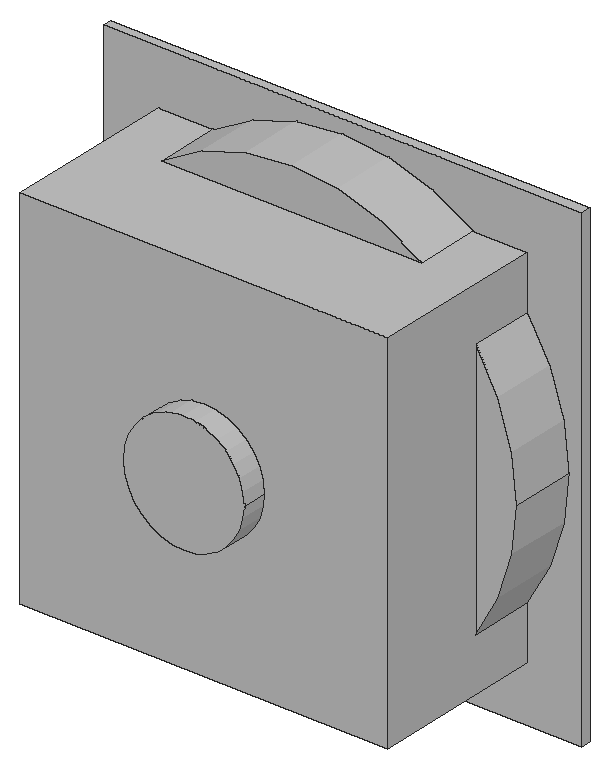
Revit family "ef_eg-40_60dra2_era2_fra2_50Hz", category 機械設備, Revit 2019
Family settings
  丸型コネクタ寸法 = 直径を使用
  パーツ タイプ = 標準
  OmniClass 番号 = 23.75.35.21.17
  OmniClass タイトル = Industrial Ventilating Equipment
  作業面ベース = いいえ
  常に垂直 = はい
  ロード時にボイドで切り取り = はい
  共有 = いいえ
  部屋計算ポイント = はい
Parameters (values of type "EF-40DRA2")
  騒音レベル(dB(A)) [instance] = 47
  風量 [instance] = 設計風量  # 0.0 m³/h
  電源種別 [instance] = ""
  電圧 = 200 V
  電動機出力 = 200 W
  電動機_種別 [instance] = ""
  運転質量 = 0.00 kg
  連動 [instance] = ""
  質量 = if(製品質量 > 運転質量, 製品質量, 運転質量) * 1.2  # 15.00 kg
  負荷分類 = 3_ファン類
  説明 = "産業用有圧換気扇 低騒音形 冷凍室タイプ"
  設計風量 [instance] = 0.0 m³/h
  設置方法 = "壁付"
  記号 [instance] = ""
  製造元 = "三菱電機株式会社"
  製品質量 = 12.50 kg
  製品出荷対象 = "国内"
  製品リリース年月 = "2022年6月1日"
  製品グループ = ""
  羽根径 = "∅400"
  レグ_Depth = 199 mm
  系統 [instance] = ""
  符号 [instance] = if(☑給気／□排気, "FS", "FE")  # "FE"
  積算_科目 = ""
  積算_拾い区分 [instance] = ""
  相 = 3
  盤記号 [instance] = ""
  盤工事区分 = ""
  発停方法 [instance] = ""
  特殊仕様 [instance] = ""
  火災停止 [instance] = ""
  消費電力 = 110 W
  法定耐用年数 = "15"
  極数 = 3
  極 = 4
  材質 [instance] = ""
  操作・制御方式 = ""
  操作・制御スイッチ = ""
  排気量 [instance] = if(☑給気／□排気, 0.0 m³/h, 設計風量)  # 0.0 m³/h
  形式 = ""
  幹線記号 [instance] = ""
  対象室 [instance] = ""
  実風量 [instance] = 0.0 m³/h
  始動方式 [instance] = "直入"
  外気量 [instance] = if(☑給気／□排気, 設計風量, 0.0 m³/h)  # 0.0 m³/h
  呼称 = "有圧扇"
  周波数 = 50 Hz
  参照している仕様書等のバージョン = ""
  分類コード = "50052503100110"
  分類グループ = ""
  価格 = 150000
  企業コード = "108420"
  付属品_防振装置 = ""
  付属品 [instance] = ""
  仕様書バージョン = "Version1.0"
  レグ_Width = 400 mm
  レグ_Height = 400 mm
  モーター径 = 131 mm
  モデル = "EF-40DRA2"
  フレームの厚さ = 10 mm
  ファンの種類 = "軸流羽根"
  コメント [instance] = ""
  Keynote = ""
  オリフィス_Depth = 80 mm
  ☑給気／□排気 [instance] = no
  Width = 520 mm
  Version = ""
  Uniclass2015Version = "Systems v1.9"
  Uniclass2015Title = "Propeller fans"
  Uniclass2015Code = "Pr_65_67_29_67"
  URL = "https://www.mitsubishielectric.co.jp/ldg/wink/ssl/displayProduct.do?pid=318474"
  SpecificationReference = ""
  SpecificationDescription = ""
  Revision = ""
  ProductInformation = ""
  OmniClassCode = "23-33 31 19 11 17"
  MIN風量 = 0.0 m³/h
  MID風量 = 0.0 m³/h
  MAX風量 = 3400.0 m³/h
  IfcTypeProduct = ""
  IfcProduct = ""
  IfcExportType = "TUBEAXIAL"
  IfcExportAs = "IfcFanType"
  Height = 520 mm
  オリフィス径 = 490 mm
  Depth = 226 mm
  Author = "三菱電機株式会社"
Types (3, lengths in mm): name | 騒音レベル(dB(A)) | 電動機出力 | 質量 | 製品質量 | 羽根径 | レグ_Depth | 消費電力 | 極 | 価格 | レグ_Width | レグ_Height | モーター径 | モデル | オリフィス_Depth | Width | URL | MAX風量 | Height | オリフィス径 | Depth
  EF-40DRA2 | 47 | 200 W | 15.00 kg | 12.50 kg | "∅400" | 199 | 110 W | 4 | 150000 | 400 | 400 | 131 | "EF-40DRA2" | 80 | 520 | "https://www.mitsubishielectric.co.jp/ldg/wink/ssl/displayProduct.do?pid=318474" | 3400.0 m³/h | 520 | 490 | 226
  EF-50ERA2 | 54 | 400 W | 21.60 kg | 18.00 kg | "∅500" | 231 | 280 W | 4 | 195000 | 502 | 502 | 131 | "EF-50ERA2" | 95 | 620 | "https://www.mitsubishielectric.co.jp/ldg/wink/ssl/displayProduct.do?pid=318489" | 5800.0 m³/h | 620 | 605 | 255.5
  EG-60FRA2 | 53 | 750 W | 32.76 kg | 27.30 kg | "∅600" | 282 | 365 W | 6 | 260000 | 597.6 | 597.6 | 163 | "EG-60FRA2" | 100 | 710 | "https://www.mitsubishielectric.co.jp/ldg/wink/ssl/displayProduct.do?pid=318595" | 9140.0 m³/h | 710 | 705 | 318
Reference planes
  plane 1 "中心(正面/背面)": y = 0
  plane 2: z = 0
  plane 3 "中心(左/右)": x = 0
  plane 4: z = 0
  plane 5: through (212.832, -1524, 243.759) normal (-0.6508, 0, -0.7593)
  plane 6: through (-212.884, -1524, -243.751) normal (0.6508, 0, 0.7593)
  plane 7: through (208.307, -1524, -247.63) normal (-0.6508, 0, 0.7593)
  plane 8: z = 260
  plane 9: z = -260
  plane 10 "左": x = -260
  plane 11 "右": x = 260
  plane 12 "正面": y = -226
  plane 13: y = -10
  plane 14: through (-208.307, -1524, -247.63) normal (-0.6508, 0, -0.7593)
  plane 15: y = 24
  plane 16: y = 124
  plane 17: x = -250
  plane 18: x = 250
  plane 19: y = -80
  plane 20: y = -199
  plane 21: x = -200
  plane 22: x = 200
  plane 23: z = 200
  plane 24: z = -200
Forms (mm)
  Extrusion 1, solid, detail levels fine
    sketch origin (0, 0, 0) x (1, 0, 0) y (0, 1, 0)
      loop
        line (-260, 0) -> (-260, -10) -> (260, -10) -> (260, 0) -> (-260, 0)
    from -260 to 260
  Extrusion 2, solid, detail levels fine
    sketch origin (140, -23.659, 0) x (-1, 0, 0) y (0, 0, -1)
      loop
        circle (140, 0) r 65.5
    from 175.341 to 202.341
  Extrusion 3, solid
    sketch origin (0, -153.783, 0) x (1, 0, 0) y (0, 0, 1)
      loop
        circle (0, 0) r 245
    from -143.783 to -73.783
  Extrusion 4, solid
    sketch origin (0, 0, 0) x (1, 0, 0) y (0, 0, 1)
      loop
        line (-200, 200) -> (-200, -200) -> (200, -200) -> (200, 200) -> (-200, 200)
    from 10 to 199
Cuts and joins
  joined: Extrusion 3, Extrusion 4
Lines and regions (mm)
  Masking region 1, detail levels coarse+medium
    outline origin (0, 0, 0) x (1, 0, 0) y (0, 1, 0)
      loop
        line (-250, -226) -> (250, -226) -> (250, 24) -> (-250, 24) -> (-250, -226)
  Masking region 2, detail levels coarse+medium
    outline origin (0, 0, 0) x (1, 0, 0) y (0, 1, 0)
      loop
        line (-224, 24) -> (224, 24) -> (224, 124) -> (-224, 124) -> (-224, 24)
  symbolic lines, detail levels coarse+medium
    curve 1: circle (224, -215, 0) r 115 normal (0, 0, 1)
    curve 2: circle (-224, -215, 0) r 115 normal (0, 0, -1)
Dimensions and locks
  level to plane 4 = 0 mm
  equal spacing: plane 8, level, plane 9
  "Depth": plane 12 "正面" to plane 1 "中心(正面/背面)"  (x2)
  "Width": plane 10 "左" to plane 11 "右"
  "Height": plane 8 to plane 9
  "フレームの厚さ": plane 13 to plane 1 "中心(正面/背面)"
  plane 12 "正面" to plane 15 to plane 16 = 250 mm locked, 100 mm locked
  locked: plane 17 to plane 18 at 500
  "オリフィス_Depth": plane 1 "中心(正面/背面)" to plane 19
  "レグ_Depth": plane 1 "中心(正面/背面)" to plane 20
  equal spacing: plane 10 "左", plane 3 "中心(左/右)", plane 11 "右"
  equal spacing: plane 22, plane 3 "中心(左/右)", plane 21
  "レグ_Width": plane 22 to plane 21
  equal spacing: plane 23, level, plane 24
  "レグ_Height": plane 23 to plane 24
  "オリフィス径": diameter of Extrusion 3 sketch curve
  "モーター径": diameter of Extrusion 2 sketch curve
  aligned and locked: level to plane 2
  aligned and locked: Extrusion 1 to plane 8
  aligned and locked: plane 10 "左" to Extrusion 1
  aligned and locked: Extrusion 1 to plane 11 "右"
  aligned and locked: plane 9 to Extrusion 1
  aligned and locked: Extrusion 1 to plane 13
  aligned and locked: Extrusion 1 to plane 1 "中心(正面/背面)"  (x5)
  aligned and locked: plane 12 "正面" to Extrusion 2
  aligned and locked: plane 1 "中心(正面/背面)" to Extrusion 1  (x2)
  aligned and locked: plane 4 to Extrusion 2 sketch curve
  aligned and locked: plane 12 "正面" to Masking region 1 sketch curve
  aligned and locked: plane 17 to Masking region 1 sketch curve
  aligned and locked: plane 15 to Masking region 1 sketch curve
  aligned and locked: plane 18 to Masking region 1 sketch curve
  aligned and locked: Masking region 2 sketch curve to plane 15
  aligned and locked: plane 16 to Masking region 2 sketch curve
  aligned and locked: Extrusion 3 to Extrusion 1
  aligned and locked: Extrusion 3 to plane 19
  aligned and locked: plane 20 to Extrusion 2
  aligned and locked: Extrusion 4 to Extrusion 2
  aligned and locked: Extrusion 4 to Extrusion 1
  aligned and locked: Extrusion 4 to plane 21
  aligned and locked: plane 23 to Extrusion 4
  aligned and locked: plane 22 to Extrusion 4
  aligned and locked: Extrusion 4 to plane 24
Automatic sketch dimensions
  Extrusion 1 sketch curve to plane 10 "左" = 0 mm
  Extrusion 1 sketch curve to plane 11 "右" = 0 mm
  Extrusion 1 sketch curve to plane 13 = 0 mm
  plane 1 "中心(正面/背面)" to Extrusion 1 sketch curve = 0 mm
  Extrusion 3 sketch curve to level = 0 mm
  Extrusion 3 sketch curve to plane 3 "中心(左/右)" = 0 mm
  curve 2 to plane 20 = 16 mm
  curve 1 to plane 20 = 16 mm
  curve 2 to plane 10 "左" = 36 mm
  Masking region 2 sketch curve to plane 10 "左" = 36 mm
  plane 11 "右" to curve 1 = 36 mm
  plane 11 "右" to Masking region 2 sketch curve = 36 mm
  Extrusion 2 sketch curve to plane 3 "中心(左/右)" = 0 mm
  Extrusion 4 sketch curve to plane 21 = 0 mm
  plane 22 to Extrusion 4 sketch curve = 0 mm
  Extrusion 4 sketch curve to plane 24 = 0 mm
  plane 23 to Extrusion 4 sketch curve = 0 mm
  radius of curve 1 = 115 mm
  radius of curve 2 = 115 mm
Connectors
  electrical at (260, -5, 0), driven by "電圧", driven by "負荷分類", driven by "消費電力", driven by "極数"
    settings: on Extrusion 1, index 2, voltage 200 V, apparent load 110 VA, apparent load phase1 0 VA, apparent load phase2 0 VA, apparent load phase3 0 VA, power factor 1, load classification "3_ファン類", number of poles 3, system type 30, power factor state 1, is connector primary yes, connector utility no, sub classification motor no, connector description ""
